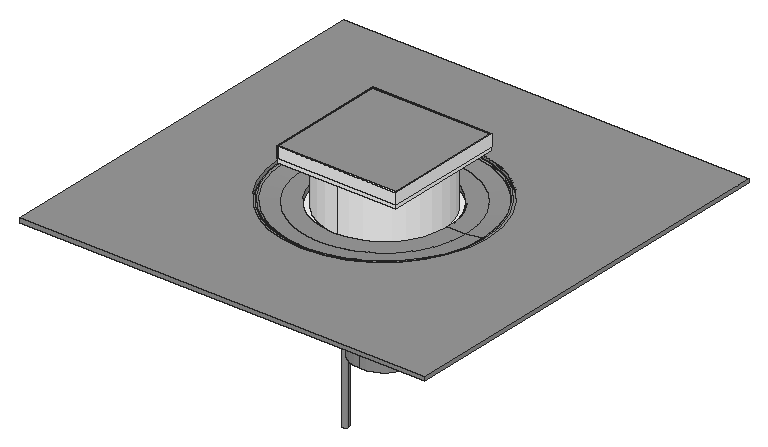
Revit family "HL_RU_Roof drain_HL62.1BH-B-221103", category Sanitärinstallationen, Revit 2020
Family settings
  Bemaßung runder Anschluss = Durchmesser verwenden
  Teiletyp = Normal
  OmniClass-Nummer = 23.70.50.21.24.14
  OmniClass-Titel = Deck Waste Water Drains
  Arbeitsebenenbasiert = Nein
  Immer vertikal = Ja
  Beim Laden mit Abzugskörper schneiden = Nein
  Gemeinsam genutzt = Nein
  Raumberechnungspunkt = Ja
Parameters (values of type "HL_Кровельная воронка_HL62.1BH_7")
  РЕШЁТКА = "Edelstahl 137x137mm"
  РАЗМЕР = "DN75"
  ПРОПУСКНАЯ СПОСОБНОСТЬ [instance] = 0.0 L/s
  ПРОИЗВОДИТЕЛЬНОСТЬ = "6,0 l/s"
  ПРАВОВАЯ ИНФОРМАЦИЯ = "Авторские права(©), права на дизайн или какие либо другие права интелектуальной собственности являются исключительной собственностью компании HL Hutterer & Lechner. Изменению не подлежит. Файл семейства с данными о прозводителе изделия защищен паролем с водяным знаком."
  НОМИНАЛЬНЫЙ ДИАМЕТР = 75 mm
  НАСАДКА = "12-65mm/148x148mm"
  МАТЕРИАЛ = "PP"
  МАКСИМАЛЬНАЯ НАГРУЗКА КЛАССА = "K - 300 kg"
  ВЫСОТА МОНТАЖА = "120 mm"
  ВЕС = "2,24 [kg]"
  Vorgabe-Ansicht = 0 mm
  Hersteller = "HL Hutterer & Lechner GmbH"  # constant formula
  URL = "http://www.hutterer-lechner.com/ru/products/catalog/roof-drains/HL62.1BH/7.aspx"
  Материал плитка [instance] = none
  Lüftungsverbindung = no
  Abwasserrohrverbindung = yes
  HW-Verbindung = no
  KW-Verbindung = no
  Beschreibung = "Кровельные воронки"
  Model = "HL62.1BH_7"
  Assembly Code = " "
  Typenkommentare = "HL62.1BH/7 Кровельная воронка DN75 с битумным полотном и подогревом (10_30Вт/230В). Проходная _ 148х148мм/137х137мм.,"
  Keynote = "HL62.1BH_7"
  Bысота монтажа [instance] = 65 mm  # constant formula
  G [instance] = 180.00°  # constant formula
  EAN = "9003076802128"
  D [instance] = if(НОМИНАЛЬНЫЙ ДИАМЕТР = 160 mm, 64.6 mm, 71.7 mm) + Bысота монтажа  # 136.7 mm
  C [instance] = if(Bысота монтажа - 68 mm < 0 mm, 0 mm, Bысота монтажа - 68 mm)  # 0 mm
  B [instance] = 100 mm  # constant formula
  A [instance] = if(B - 100 mm > 15 mm, B - 100 mm, 15 mm)  # 15 mm
Types (5, lengths in mm): name | РАЗМЕР | НОМИНАЛЬНЫЙ ДИАМЕТР | ВЕС | URL | Model | Typenkommentare | Keynote | EAN | D
  (no name) | "DN75" | 75 | "2,24 [kg]" | "http://www.hutterer-lechner.com/ru/products/catalog/roof-drains/HL62.1BH/7.aspx" | "HL62.1BH_7" | "HL62.1BH/7 Кровельная воронка DN75 с битумным полотном и подогревом (10_30Вт/230В). Проходная _ 148х148мм/137х137мм.," | "HL62.1BH_7" | "9003076802128" | 136.7
  HL_Кровельная воронка_HL62.1BH_1 | "DN110" | 110 | "2,22 [kg]" | "http://www.hutterer-lechner.com/ru/products/catalog/roof-drains/HL62.1BH/1.aspx" | "HL62.1BH_1" | "HL62.1BH/1 Кровельная воронка DN110 с битумным полотном и подогревом (10_30Вт/230В). Проходная _ 148х148мм/137х137мм.," | "HL62.1BH_1" | "9003076812127" | 136.7
  HL_Кровельная воронка_HL62.1BH_2 | "DN125" | 125 | "2,22 [kg]" | "http://www.hutterer-lechner.com/ru/products/catalog/roof-drains/HL62.1BH/2.aspx" | "HL62.1BH_2" | "HL62.1BH/2 Кровельная воронка DN125 с битумным полотном и подогревом (10_30Вт/230В). Проходная _ 148х148мм/137х137мм.," | "HL62.1BH_2" | "9003076822126" | 136.7
  HL_Кровельная воронка_HL62.1BH_5 | "DN160" | 160 | "2,24 [kg]" | "http://www.hutterer-lechner.com/ru/products/catalog/roof-drains/HL62.1BH/5.aspx" | "HL62.1BH_5" | "HL62.1BH/5 Кровельная воронка DN160 с битумным полотном и подогревом (10_30Вт/230В). Проходная _ 148х148мм/137х137мм.," | "HL62.1BH_5" | "9003076832125" | 129.6
  HL_Кровельная воронка_HL62.1BH_7 | "DN75" | 75 | "2,24 [kg]" | "http://www.hutterer-lechner.com/ru/products/catalog/roof-drains/HL62.1BH/7.aspx" | "HL62.1BH_7" | "HL62.1BH/7 Кровельная воронка DN75 с битумным полотном и подогревом (10_30Вт/230В). Проходная _ 148х148мм/137х137мм.," | "HL62.1BH_7" | "9003076802128" | 136.7
Reference planes
  plane 1 "Center (Front/Back)": y = 0
  plane 2: z = 0
  plane 3 "Center (Left/Right)": x = 0
  plane 4: z = -100
  plane 5: z = -65
Lines and regions (mm)
  model lines, style "InvisibleLines"
    curve 1: line (0, 0, 0) -> (0, 0, 20)
  model lines, style "PlumbingFixtures", detail levels coarse+medium
    curve 2: line (0, 0, -100) -> (0, 0, -85)
    curve 3: line (0, 0, -85) -> (-85, 0, 0)
    curve 4: line (0, 0, -85) -> (85, 0, 0)
    curve 6: line (0, 0, -100) -> (0, 0, -236.7)
  reference lines, not visible
    curve 5: line (0, 0, -100) -> (0, 0, -236.7)
  symbolic lines, style "PlumbingFixtures", detail levels coarse+medium
    curve 7: line (-75, 75, 0) -> (75, 75, 0)
    curve 8: line (-75, -75, 0) -> (-75, 75, 0)
    curve 9: line (75, -75, 0) -> (-75, -75, 0)
    curve 10: line (75, 75, 0) -> (75, -75, 0)
    curve 11: line (-75, 75, 0) -> (-145.711, 145.711, 0)
    curve 12: line (75, 75, 0) -> (145.711, 145.711, 0)
    curve 13: line (-75, -75, 0) -> (-145.711, -145.711, 0)
    curve 14: line (75, -75, 0) -> (145.711, -145.711, 0)
  symbolic lines, style "PlumbingFixtures", not visible, detail levels coarse+medium
    curve 15: line (-75, 75, 0) -> (75, 75, 0)
    curve 16: line (-75, -75, 0) -> (-75, 75, 0)
    curve 17: line (75, -75, 0) -> (-75, -75, 0)
    curve 18: line (75, 75, 0) -> (75, -75, 0)
    curve 19: line (-75, 75, 0) -> (-145.711, 145.711, 0)
    curve 20: line (75, 75, 0) -> (145.711, 145.711, 0)
    curve 21: line (-75, -75, 0) -> (-145.711, -145.711, 0)
    curve 22: line (75, -75, 0) -> (145.711, -145.711, 0)
Text (mm)
  text "FLOOR" at (-162.344, 0, -10.979), in view "Drain Construction View"
Dimensions and locks
  "B": plane 2 to plane 4
  "Bысота монтажа": plane 2 to plane 5
  "A": curve 4 to plane 4
  "D": curve 5 to curve 5
  "D": curve 6 to curve 6
  locked: curve 4 to plane 3 "Center (Left/Right)" (angle 45.00°)
  locked: plane 3 "Center (Left/Right)" to curve 3 (angle 45.00°)
  "G": angle curve 5 to plane 3 "Center (Left/Right)"
  aligned and locked: level to plane 2
  aligned and locked: plane 2 to curve 4
  aligned and locked: plane 2 to curve 3
  aligned and locked: plane 4 to curve 5
  aligned and locked: plane 3 "Center (Left/Right)" to curve 5
  aligned and locked: plane 4 to curve 2
  aligned and locked: curve 6 to plane 3 "Center (Left/Right)"
  aligned and locked: curve 6 to plane 4
  aligned and locked: plane 3 "Center (Left/Right)" to nested 1
  aligned and locked: nested 2 to plane 5
  aligned and locked: plane 2 to nested 1
  aligned and locked: nested 2 to plane 3 "Center (Left/Right)"
Automatic sketch dimensions
  curve 2 to plane 3 "Center (Left/Right)" = 0 mm
  curve 1 to plane 3 "Center (Left/Right)" = 0 mm
  curve 1 to level = 0 mm
  level to curve 1 = 20 mm
Nested families
  nested 1: "HL_Насадка_HL66.9S" at (0, 0, 0), Bысота монтажа <- "Bысота монтажа", type "HL_Grate frame_HL66.9S"
    with L 93 mm, IHmin 12 mm, IHmax 65 mm, Bысота монтажа 65 mm
  nested 2: "HL_кровельные воронки - корпус_HL62.1H" at (0, 0, -69.7), НОМИНАЛЬНЫЙ ДИАМЕТР <- "НОМИНАЛЬНЫЙ ДИАМЕТР", type "HL_кровельные воронки - корпус_HL62.1H"
    with НОМИНАЛЬНЫЙ ДИАМЕТР 75 mm, OOD 48 mm, L 65 mm
Connectors
  piping at (0, 0, -236.7), diameter 75, driven by "ПРОПУСКНАЯ СПОСОБНОСТЬ", driven by "НОМИНАЛЬНЫЙ ДИАМЕТР"
    settings: on curve 5, index 1, connector inside diameter 609.6 mm, connector length 0 mm, flow factor 0, pipe flow 0.0 L/s, pressure drop 0.0 Pa, fitting loss kfactor 0, connector angle 0.00°, fixture units 0, engagement length 0 mm, angle of deflection 0.00°, flow configuration 1, flow direction 2, fitting loss method 0, system type 16, joint type 0, gender type 0, connector reference index -1, connector utility 0, adjustable connector yes, is connector primary yes, connector description ""
Definition of nested family "HL_Насадка_HL66.9S"
  Parameters (values of type "HL_Grate frame_HL66.9S")
    РЕШЁТКА = "Edelstahl 138x138mm"
    РАЗМЕР = "d 145 mm"
    ПРАВОВАЯ ИНФОРМАЦИЯ = "Авторские права(©), права на дизайн или какие либо другие права интелектуальной собственности являются исключительной собственностью компании HL Hutterer & Lechner. Изменению не подлежит. Файл семейства с данными о прозводителе изделия защищен паролем с водяным знаком."
    НАСАДКА = "147x147mm"
    МАТЕРИАЛ = "PP"
    МАКСИМАЛЬНАЯ НАГРУЗКА КЛАССА = "K - 300 kg"
    ВЫСОТА МОНТАЖА = "12-65mm"
    Материал плитка = none
    ВЕС = "0,345 [kg]"
    Default Elevation = 0 mm
    L [instance] = if(Bысота монтажа < IHmin, -100 mm, if(Bысота монтажа > IHmax, -100 mm, Bысота монтажа + 28 mm))  # 93 mm
    Manufacturer = "HL Hutterer & Lechner GmbH"
    URL = "http://www.hutterer-lechner.com/ru/products/catalog/roof-drains/HL66.9.aspx"
    Description = "Кровельные воронки"
    Model = "HL66.9"
    Type Comments = "HL66.9, Насадка d 145мм с бороздками/147х147мм/138х138мм"
    Keynote = "HL66.9"
    Bысота монтажа [instance] = 65 mm
    IHmin [instance] = 12 mm
    IHmax [instance] = 65 mm
    EAN = "9003076014606"
    Cost = 0
  Reference planes
    plane 1 "Střed (vpředu/vzadu)": y = 0
    plane 2: z = 0
    plane 3 "Střed (vlevo/vpravo)": x = 0
  Forms (mm)
    Revolve 1, solid, detail levels fine
      sketch origin (0, 0, 128) x (0, 1, 0) y (0, 0, 1)
        loop
          line (72.5, -142) -> (69.248, -142) -> (69.248, -221) -> (72.5, -221) -> (72.5, -142)
        axis (0, -142) -> (0, -221)
      angle from 0 to 360
    Extrusion 2, solid, detail levels fine
      sketch origin (-1.537, 0, -14.6) x (0, 1, 0) y (-1, 0, 0)
        loop
          line (74, 72.459) -> (-74, 72.459) -> (-74, -75.537) -> (74, -75.537) -> (74, 72.459)
        loop
          line (73, 71.463) -> (-73, 71.463) -> (-73, -74.537) -> (73, -74.537) -> (73, 71.463)
      from 0.6 to 14.6
    Extrusion 3, solid, detail levels fine
      sketch origin (-1.537, 0, -14) x (-1, 0, 0) y (0, 1, 0)
        loop
          line (71.463, 73) -> (-74.537, 73) -> (-74.537, -73) -> (71.463, -73) -> (71.463, 73)
        loop
          circle (-1.537, 0) r 72.5
      from 0 to 5
    Extrusion 4, solid, detail levels fine
      sketch origin (-1.537, 0, -14) x (-1, 0, 0) y (0, -1, 0)
        loop
          line (70.95, -72.397) -> (70.95, 72.463) -> (-74.05, 72.463) -> (-74.05, -72.397) -> (70.95, -72.397)
      from 0 to 14
    Revolve 5, solid, detail levels fine
      sketch origin (0, 75.989, -93) x (0, -1, 0) y (0, 0, -1)
        loop
          line (3.489, -20) -> (3.489, 0) -> (0.186, 0) -> (-2.325, -2.511) -> (-2.325, -20) -> (3.489, -20)
        axis (75.989, -20) -> (75.989, 0)
      angle from 0 to 360
  Lines and regions (mm)
    model lines, detail levels fine
      curve 1: line (36.25, 24.325, 0) -> (36.25, -24.42, 0)
      curve 2: line (43.75, -24.42, 0) -> (43.75, 24.325, 0)
      curve 3: line (52.25, 40.306, 0) -> (52.25, -40.355, 0)
      curve 4: line (59.75, -40.355, 0) -> (59.75, 40.306, 0)
      curve 5: line (20.25, 8.588, 0) -> (20.25, -8.684, 0)
      curve 6: line (27.75, -8.684, 0) -> (27.75, 8.588, 0)
      curve 7: arc (27.75, 8.588, 0) -> (24, 12.338, 0) -> (20.25, 8.588, 0) r 3.75
      curve 8: arc (20.25, -8.684, 0) -> (24, -12.434, 0) -> (27.75, -8.684, 0) r 3.75
      curve 9: arc (36.25, -24.42, 0) -> (40, -28.17, 0) -> (43.75, -24.42, 0) r 3.75
      curve 10: arc (43.75, 24.325, 0) -> (40, 28.075, 0) -> (36.25, 24.325, 0) r 3.75
      curve 11: arc (59.75, 40.306, 0) -> (56, 44.056, 0) -> (52.25, 40.306, 0) r 3.75
      curve 12: arc (52.25, -40.355, 0) -> (56, -44.105, 0) -> (59.75, -40.355, 0) r 3.75
      curve 13: line (-24.325, -36.25, 0) -> (24.42, -36.25, 0)
      curve 14: line (24.42, -43.75, 0) -> (-24.325, -43.75, 0)
      curve 15: line (-40.306, -52.25, 0) -> (40.355, -52.25, 0)
      curve 16: line (40.355, -59.75, 0) -> (-40.306, -59.75, 0)
      curve 17: line (-8.588, -20.25, 0) -> (8.684, -20.25, 0)
      curve 18: line (8.684, -27.75, 0) -> (-8.588, -27.75, 0)
      curve 19: arc (-8.588, -27.75, 0) -> (-12.338, -24, 0) -> (-8.588, -20.25, 0) r 3.75
      curve 20: arc (8.684, -20.25, 0) -> (12.434, -24, 0) -> (8.684, -27.75, 0) r 3.75
      curve 21: arc (24.42, -36.25, 0) -> (28.17, -40, 0) -> (24.42, -43.75, 0) r 3.75
      curve 22: arc (-24.325, -43.75, 0) -> (-28.075, -40, 0) -> (-24.325, -36.25, 0) r 3.75
      curve 23: arc (-40.306, -59.75, 0) -> (-44.056, -56, 0) -> (-40.306, -52.25, 0) r 3.75
      curve 24: arc (40.355, -52.25, 0) -> (44.105, -56, 0) -> (40.355, -59.75, 0) r 3.75
      curve 25: line (36.25, -24.42, 0) -> (36.25, 24.325, 0)
      curve 26: line (43.75, 24.325, 0) -> (43.75, -24.42, 0)
      curve 27: line (52.25, -40.355, 0) -> (52.25, 40.306, 0)
      curve 28: line (59.75, 40.306, 0) -> (59.75, -40.355, 0)
      curve 29: line (20.25, -8.684, 0) -> (20.25, 8.588, 0)
      curve 30: line (27.75, 8.588, 0) -> (27.75, -8.684, 0)
      curve 31: arc (27.75, -8.588, 0) -> (24, -12.338, 0) -> (20.25, -8.588, 0) r 3.75
      curve 32: arc (20.25, 8.684, 0) -> (24, 12.434, 0) -> (27.75, 8.684, 0) r 3.75
      curve 33: arc (36.25, 24.42, 0) -> (40, 28.17, 0) -> (43.75, 24.42, 0) r 3.75
      curve 34: arc (43.75, -24.325, 0) -> (40, -28.075, 0) -> (36.25, -24.325, 0) r 3.75
      curve 35: arc (59.75, -40.306, 0) -> (56, -44.056, 0) -> (52.25, -40.306, 0) r 3.75
      curve 36: arc (52.25, 40.355, 0) -> (56, 44.105, 0) -> (59.75, 40.355, 0) r 3.75
      curve 37: line (24.42, -36.25, 0) -> (-24.325, -36.25, 0)
      curve 38: line (-24.325, -43.75, 0) -> (24.42, -43.75, 0)
      curve 39: line (40.355, -52.25, 0) -> (-40.306, -52.25, 0)
      curve 40: line (-40.306, -59.75, 0) -> (40.355, -59.75, 0)
      curve 41: line (8.684, -20.25, 0) -> (-8.588, -20.25, 0)
      curve 42: line (-8.588, -27.75, 0) -> (8.684, -27.75, 0)
      curve 43: arc (8.588, -27.75, 0) -> (12.338, -24, 0) -> (8.588, -20.25, 0) r 3.75
      curve 44: arc (-8.684, -20.25, 0) -> (-12.434, -24, 0) -> (-8.684, -27.75, 0) r 3.75
      curve 45: arc (-24.42, -36.25, 0) -> (-28.17, -40, 0) -> (-24.42, -43.75, 0) r 3.75
      curve 46: arc (24.325, -43.75, 0) -> (28.075, -40, 0) -> (24.325, -36.25, 0) r 3.75
      curve 47: arc (40.306, -59.75, 0) -> (44.056, -56, 0) -> (40.306, -52.25, 0) r 3.75
      curve 48: arc (-40.355, -52.25, 0) -> (-44.105, -56, 0) -> (-40.355, -59.75, 0) r 3.75
      curve 49: line (-36.25, 24.325, 0) -> (-36.25, -24.325, 0)
      curve 50: line (-43.75, -24.325, 0) -> (-43.75, 24.325, 0)
      curve 51: line (-52.25, 40.306, 0) -> (-52.25, -40.306, 0)
      curve 52: line (-59.75, -40.306, 0) -> (-59.75, 40.306, 0)
      curve 53: line (-20.25, 8.588, 0) -> (-20.25, -8.588, 0)
      curve 54: line (-27.75, -8.684, 0) -> (-27.75, 8.588, 0)
      curve 55: arc (-27.75, 8.588, 0) -> (-24, 12.338, 0) -> (-20.25, 8.588, 0) r 3.75
      curve 56: arc (-20.25, -8.684, 0) -> (-24, -12.434, 0) -> (-27.75, -8.684, 0) r 3.75
      curve 57: arc (-43.75, 24.325, 0) -> (-40, 28.075, 0) -> (-36.25, 24.325, 0) r 3.75
      curve 58: arc (-59.75, 40.306, 0) -> (-56, 44.056, 0) -> (-52.25, 40.306, 0) r 3.75
      curve 59: line (-36.25, -24.325, 0) -> (-36.25, 24.325, 0)
      curve 60: line (-43.75, 24.325, 0) -> (-43.75, -24.325, 0)
      curve 61: line (-52.25, -40.306, 0) -> (-52.25, 40.306, 0)
      curve 62: line (-59.75, 40.306, 0) -> (-59.75, -40.306, 0)
      curve 63: line (-20.25, -8.588, 0) -> (-20.25, 8.588, 0)
      curve 64: line (-27.75, 8.588, 0) -> (-27.75, -8.684, 0)
      curve 65: arc (-27.75, -8.588, 0) -> (-24, -12.338, 0) -> (-20.25, -8.588, 0) r 3.75
      curve 66: arc (-20.25, 8.684, 0) -> (-24, 12.434, 0) -> (-27.75, 8.684, 0) r 3.75
      curve 67: arc (-36.25, 24.42, 0) -> (-40, 28.17, 0) -> (-43.75, 24.42, 0) r 3.75
      curve 68: arc (-43.75, -24.325, 0) -> (-40, -28.075, 0) -> (-36.25, -24.325, 0) r 3.75
      curve 69: arc (-59.75, -40.306, 0) -> (-56, -44.056, 0) -> (-52.25, -40.306, 0) r 3.75
      curve 70: arc (-52.25, 40.355, 0) -> (-56, 44.105, 0) -> (-59.75, 40.355, 0) r 3.75
      curve 71: line (-24.42, 36.25, 0) -> (24.325, 36.25, 0)
      curve 72: line (24.42, 43.75, 0) -> (-24.42, 43.75, 0)
      curve 73: line (-40.355, 52.25, 0) -> (40.306, 52.25, 0)
      curve 74: line (40.306, 59.75, 0) -> (-40.355, 59.75, 0)
      curve 75: line (-8.588, 20.25, 0) -> (8.588, 20.25, 0)
      curve 76: line (8.684, 27.75, 0) -> (-8.588, 27.75, 0)
      curve 77: arc (-8.588, 27.75, 0) -> (-12.338, 24, 0) -> (-8.588, 20.25, 0) r 3.75
      curve 78: arc (8.684, 20.25, 0) -> (12.434, 24, 0) -> (8.684, 27.75, 0) r 3.75
      curve 79: arc (24.42, 36.25, 0) -> (28.17, 40, 0) -> (24.42, 43.75, 0) r 3.75
      curve 80: line (24.325, 36.25, 0) -> (-24.42, 36.25, 0)
      curve 81: line (-24.42, 43.75, 0) -> (24.42, 43.75, 0)
      curve 82: line (40.306, 52.25, 0) -> (-40.355, 52.25, 0)
      curve 83: line (-40.355, 59.75, 0) -> (40.306, 59.75, 0)
      curve 84: line (8.588, 20.25, 0) -> (-8.588, 20.25, 0)
      curve 85: line (-8.588, 27.75, 0) -> (8.684, 27.75, 0)
      curve 86: arc (8.588, 27.75, 0) -> (12.338, 24, 0) -> (8.588, 20.25, 0) r 3.75
      curve 87: arc (-8.684, 20.25, 0) -> (-12.434, 24, 0) -> (-8.684, 27.75, 0) r 3.75
      curve 88: arc (-24.42, 36.25, 0) -> (-28.17, 40, 0) -> (-24.42, 43.75, 0) r 3.75
      curve 89: arc (24.325, 43.75, 0) -> (28.075, 40, 0) -> (24.325, 36.25, 0) r 3.75
      curve 90: arc (40.306, 59.75, 0) -> (44.056, 56, 0) -> (40.306, 52.25, 0) r 3.75
      curve 91: arc (-40.355, 52.25, 0) -> (-44.105, 56, 0) -> (-40.355, 59.75, 0) r 3.75
    reference lines
      curve 92: line (0, 75.989, -93) -> (0, -174.011, -93)
  Dimensions and locks
    Extrusion 2 sketch curve to Extrusion 2 sketch curve = 147.996 mm
    Extrusion 2 sketch curve to Extrusion 2 sketch curve = 148 mm
    "L": curve 92 to plane 2
    aligned and locked: level to plane 2
    aligned and locked: Revolve 1 to curve 92
  Automatic sketch dimensions
    plane 1 "Střed (vpředu/vzadu)" to Extrusion 2 sketch curve = 74 mm
    Extrusion 2 sketch curve to Extrusion 2 sketch curve = 1 mm  (x3)
    plane 3 "Střed (vlevo/vpravo)" to Extrusion 2 sketch curve = 74 mm
    Extrusion 2 sketch curve to Extrusion 2 sketch curve = 0.996 mm
    Extrusion 3 sketch curve to Extrusion 2 = 0 mm  (x4)
    Extrusion 3 sketch curve to Extrusion 2 = 73 mm  (x2)
    Extrusion 2 to curve 16 = 13.25 mm
    curve 24 to curve 47 = 3.75 mm
    curve 47 to curve 24 = 0 mm
    curve 48 to curve 23 = 0 mm  (x2)
    curve 23 to curve 38 = 8.5 mm
    curve 24 to curve 12 = 11.895 mm
    curve 12 to curve 35 = 0.048 mm
    curve 15 to curve 69 = 11.944 mm
    curve 22 to curve 45 = 3.75 mm
    curve 21 to curve 46 = 3.75 mm
    curve 46 to curve 21 = 0 mm
    curve 22 to curve 18 = 8.5 mm
    curve 21 to curve 9 = 11.83 mm
    curve 13 to curve 49 = 11.925 mm
    curve 9 to curve 34 = 0.095 mm
    curve 18 to curve 19 = 3.75 mm
    curve 44 to curve 19 = 0 mm  (x2)
    curve 43 to curve 20 = 0 mm
    curve 20 to curve 5 = 11.566 mm
    curve 49 to curve 64 = 15.642 mm
    curve 8 to curve 31 = 0.095 mm
    curve 56 to curve 53 = 0.095 mm
    curve 65 to curve 64 = 17.177 mm
    curve 31 to curve 29 = 17.177 mm
    curve 7 to curve 32 = 0.095 mm
    curve 55 to curve 66 = 0.095 mm
    curve 32 to curve 84 = 11.566 mm
    curve 86 to curve 78 = 3.75 mm
    curve 86 to curve 78 = 0 mm
    curve 77 to curve 87 = 3.75 mm
    curve 87 to curve 77 = 0 mm  (x2)
    curve 66 to curve 60 = 15.642 mm
    curve 32 to curve 26 = 15.642 mm
    curve 10 to curve 33 = 0.095 mm
    curve 57 to curve 67 = 0.095 mm
    curve 33 to curve 71 = 11.83 mm
    curve 89 to curve 89 = 3.75 mm
    curve 88 to curve 88 = 3.75 mm
    curve 89 to curve 79 = 0 mm
    curve 33 to curve 11 = 15.886 mm
    curve 67 to curve 51 = 15.886 mm
    curve 58 to curve 70 = 0.048 mm
    curve 11 to curve 36 = 0.048 mm
    curve 70 to curve 73 = 11.895 mm
    curve 90 to curve 90 = 3.75 mm
    Extrusion 2 to curve 28 = 13.25 mm
    curve 4 to curve 11 = 3.75 mm
    curve 35 to curve 12 = 0 mm
    curve 36 to curve 11 = 0 mm
    curve 3 to curve 2 = 8.5 mm
    curve 3 to curve 39 = 11.895 mm
    curve 11 to curve 83 = 11.944 mm
    curve 24 to curve 47 = 0.048 mm
    curve 26 to curve 9 = 3.75 mm
    curve 33 to curve 10 = 0 mm
    curve 34 to curve 9 = 0 mm
    curve 34 to curve 30 = 8.5 mm
    curve 90 to curve 72 = 15.886 mm
    curve 1 to curve 21 = 11.83 mm
    curve 79 to curve 80 = 0.095 mm
    curve 21 to curve 46 = 0.095 mm
    curve 6 to curve 32 = 3.75 mm
    curve 6 to curve 8 = 3.75 mm
    curve 31 to curve 8 = 0 mm
    curve 29 to curve 17 = 11.566 mm
    curve 7 to curve 78 = 11.566 mm
    curve 78 to curve 86 = 0.095 mm
    curve 20 to curve 43 = 0.095 mm
    curve 43 to curve 41 = 17.177 mm
    curve 86 to curve 77 = 17.177 mm
    curve 19 to curve 44 = 0.095 mm
    curve 77 to curve 87 = 0.095 mm
    curve 87 to curve 53 = 11.566 mm
    curve 53 to curve 66 = 3.75 mm
    curve 55 to curve 66 = 0 mm
    curve 56 to curve 54 = 3.75 mm
    curve 65 to curve 56 = 0 mm
    curve 44 to curve 14 = 15.642 mm
    curve 22 to curve 45 = 0.095 mm
    curve 87 to curve 72 = 15.736 mm
    curve 45 to curve 59 = 11.83 mm
    curve 57 to curve 67 = 3.75 mm
    curve 68 to curve 68 = 3.75 mm
    curve 45 to curve 15 = 15.886 mm
    curve 23 to curve 48 = 0.048 mm
    curve 72 to curve 74 = 15.935 mm
    curve 91 to curve 51 = 11.895 mm
    curve 51 to curve 70 = 3.75 mm
    curve 51 to curve 69 = 3.75 mm
    curve 45 to curve 22 = 0 mm
    curve 36 to curve 28 = 0 mm
    curve 33 to curve 2 = 0 mm
    curve 32 to curve 30 = 0 mm
    curve 66 to curve 55 = 0 mm
    curve 67 to curve 57 = 0 mm
    curve 70 to curve 51 = 0 mm
    Extrusion 4 sketch curve to Extrusion 3 = 0.487 mm
    Extrusion 4 sketch curve to Extrusion 3 = 0.513 mm
    Extrusion 4 sketch curve to Extrusion 3 = 0.603 mm
    Extrusion 4 sketch curve to Extrusion 3 = 0.537 mm
    Revolve 1 sketch curve to plane 1 "Střed (vpředu/vzadu)" = 0 mm
    Revolve 1 sketch curve to level = 14 mm
    Revolve 1 sketch curve to plane 1 "Střed (vpředu/vzadu)" = 69.248 mm
    Revolve 1 sketch curve to Revolve 1 sketch curve = 3.252 mm
    Revolve 1 sketch curve to Revolve 1 sketch curve = 79 mm
    Revolve 1 sketch curve to Revolve 1 sketch curve = 17.5 mm
    level to Revolve 1 sketch curve = 144.5 mm
    Revolve 5 sketch curve to curve 92 = 0 mm
    Revolve 5 sketch curve to curve 92 = 2.325 mm
    curve 92 to Revolve 5 sketch curve = 0.186 mm
    curve 92 to Revolve 5 sketch curve = 3.489 mm
    Revolve 5 sketch curve to curve 92 = 2.511 mm
    Revolve 5 sketch curve to curve 92 = 20 mm
    curve 92 to Revolve 5 sketch curve = 75.989 mm
    Revolve 5 sketch curve to curve 92 = 393 mm
    curve 92 to Revolve 5 sketch curve = 207 mm
    plane 1 "Střed (vpředu/vzadu)" to curve 92 = 174.011 mm
    curve 92 to plane 1 "Střed (vpředu/vzadu)" = 75.989 mm
    radius of Extrusion 3 sketch curve = 72.5 mm
Definition of nested family "HL_кровельные воронки - корпус_HL62.1H"
  Parameters (values of type "HL_кровельные воронки - корпус_HL62.1H")
    НОМИНАЛЬНЫЙ ДИАМЕТР [instance] = 110 mm
    Default Elevation = 0 mm
    Manufacturer = ""
    URL = ""
    Description = ""
    OOD [instance] = if(НОМИНАЛЬНЫЙ ДИАМЕТР = 75 mm, 48 mm, if(НОМИНАЛЬНЫЙ ДИАМЕТР = 110 mm, 63.7 mm, if(НОМИНАЛЬНЫЙ ДИАМЕТР = 125 mm, 69 mm, if(НОМИНАЛЬНЫЙ ДИАМЕТР = 160 mm, 111 mm, 0 mm))))  # 63.7 mm
    Model = ""
    L [instance] = if(НОМИНАЛЬНЫЙ ДИАМЕТР = 160 mm, 57.9 mm, 65 mm)  # 65 mm
    Type Comments = ""
    Cost = 0
  Reference planes
    plane 1 "Střed (vpředu/vzadu)": y = 0
    plane 2: z = 0
    plane 3 "Střed (vlevo/vpravo)": x = 0
    plane 4: z = -102.02
  Forms (mm)
    Revolve 1, solid, detail levels fine
      sketch origin (0, 0, 0) x (1, 0, 0) y (0, 0, 1)
        loop
          line (-77.396, -30.784) -> (-82.772, -25.408) -> (-82.772, -4.05) -> (-102.772, -4.05) -> (-113.899, 0) -> (-177, 0) -> (-177, -3) -> (-127.89, -3) -> (-105.416, -11.18) -> (-88.084, -11.18) -> (-88.084, -27.167) -> (-79.985, -31.474) -> (-79.985, -102.02) -> (0, -102.02) -> (0, -35.37) -> (-76.081, -35.37) -> (-77.396, -30.784)
        axis (0, 0) -> (0, -102.02)
      angle from 0 to 360
    Extrusion 2, solid, detail levels fine
      sketch origin (0, 0, 0) x (1, 0, 0) y (0, 1, 0)
        loop
          line (-250, 250) -> (-250, -250) -> (250, -250) -> (250, 250) -> (-250, 250)
        loop
          circle (0, 0) r 127.89
      from 0 to 4.7
    Sweep 3, solid, detail levels fine
      path origin (-63.7, 0, -263.782) x (0, 0, 1) y (-1, 0, 0)
        loop
          line (0, 0) -> (166.285, 0)
          arc (166.285, 0) -> (176.156, -4.089) -> (180.245, -13.96) r 13.96
          line (180.245, -13.96) -> (180.245, -31.056)
      profile origin (-63.7, 0, -180.64) x (-1, 0, 0) y (0, -1, 0)
        loop
          circle (0, 0) r 4
    Revolve 4, solid, detail levels fine
      sketch origin (0, 0, 0) x (1, 0, 0) y (0, 0, 1)
        loop
          line (-124.587, 4.544) -> (-123.526, 3.482) -> (-101.674, 0.256) -> (-79.715, 0.256) -> (-79.715, -21.456) -> (-75.875, -21.456) -> (-75.875, -25.656) -> (-74.936, -25.656) -> (-74.936, -20.879) -> (-79.089, -20.879) -> (-79.089, 1.344) -> (-101.196, 1.344) -> (-121.893, 3.519) -> (-123.356, 4.544) -> (-124.587, 4.544)
        axis (0, 4.544) -> (0, -25.656)
      angle from 0 to 360
    Extrusion 5, solid, detail levels fine
      sketch origin (-79.985, 0, -102.02) x (0, -1, 0) y (-1, 0, 0)
        loop
          circle (0, -79.985) r 55
      from 0 to 65
  Lines and regions (mm)
    reference lines
      curve 1: line (-63.7, 0, -263.782) -> (-63.7, 0, -203.782)
  Dimensions and locks
    "OOD": plane 3 "Střed (vlevo/vpravo)" to curve 1
    "L": plane 4 to Extrusion 5
    "НОМИНАЛЬНЫЙ ДИАМЕТР": diameter of Extrusion 5 sketch curve
    aligned and locked: level to plane 2
    aligned and locked: Extrusion 5 to plane 4
  Automatic sketch dimensions
    Revolve 1 sketch curve to level = 0 mm
    Revolve 1 sketch curve to plane 3 "Střed (vlevo/vpravo)" = 0 mm  (x2)
    Revolve 1 sketch curve to level = 35.37 mm
    Revolve 1 sketch curve to plane 3 "Střed (vlevo/vpravo)" = 76.081 mm
    Revolve 1 sketch curve to level = 30.784 mm
    Revolve 1 sketch curve to Revolve 1 sketch curve = 1.315 mm
    Revolve 1 sketch curve to Revolve 1 sketch curve = 3.904 mm
    Revolve 1 sketch curve to level = 4.05 mm
    Revolve 1 sketch curve to Revolve 1 sketch curve = 5.376 mm
    Revolve 1 sketch curve to Revolve 1 sketch curve = 5.312 mm
    Revolve 1 sketch curve to Revolve 1 sketch curve = 14.688 mm
    Revolve 1 sketch curve to Revolve 1 sketch curve = 2.644 mm
    Revolve 1 sketch curve to Revolve 1 sketch curve = 11.127 mm
    Revolve 1 sketch curve to level = 3 mm
    Revolve 1 sketch curve to Revolve 1 sketch curve = 13.991 mm
    Revolve 1 sketch curve to Revolve 1 sketch curve = 49.11 mm
    Revolve 1 sketch curve to Revolve 1 sketch curve = 66.65 mm
    Revolve 1 sketch curve to Revolve 1 sketch curve = 0.689 mm
    Revolve 1 sketch curve to Revolve 1 sketch curve = 4.306 mm
    Revolve 1 sketch curve to Revolve 1 sketch curve = 1.759 mm
    Revolve 1 sketch curve to Revolve 1 sketch curve = 7.13 mm
    Revolve 1 sketch curve to Revolve 1 sketch curve = 197.98 mm
    level to Revolve 1 sketch curve = 295.621 mm
    plane 1 "Střed (vpředu/vzadu)" to Extrusion 2 sketch curve = 0 mm
    Extrusion 2 sketch curve to plane 3 "Střed (vlevo/vpravo)" = 0 mm
    Extrusion 2 sketch curve to plane 3 "Střed (vlevo/vpravo)" = 250 mm
    plane 3 "Střed (vlevo/vpravo)" to Extrusion 2 sketch curve = 250 mm
    plane 1 "Střed (vpředu/vzadu)" to Extrusion 2 sketch curve = 250 mm
    Extrusion 2 sketch curve to plane 1 "Střed (vpředu/vzadu)" = 250 mm
    plane 1 "Střed (vpředu/vzadu)" to Sweep 3 sketch curve = 0 mm
    Sweep 3 sketch curve to profile plane = 0 mm
    Revolve 4 sketch curve to plane 3 "Střed (vlevo/vpravo)" = 0 mm
    Revolve 4 sketch curve to level = 25.656 mm
    Revolve 4 sketch curve to plane 3 "Střed (vlevo/vpravo)" = 74.936 mm
    Revolve 4 sketch curve to Revolve 4 sketch curve = 0.939 mm
    level to Revolve 4 sketch curve = 1.344 mm
    Revolve 4 sketch curve to Revolve 4 sketch curve = 4.153 mm
    Revolve 4 sketch curve to Revolve 4 sketch curve = 0.626 mm
    Revolve 4 sketch curve to Revolve 4 sketch curve = 21.481 mm
    level to Revolve 4 sketch curve = 0.256 mm
    Revolve 4 sketch curve to Revolve 4 sketch curve = 0.479 mm
    level to Revolve 4 sketch curve = 3.519 mm
    Revolve 4 sketch curve to Revolve 4 sketch curve = 20.219 mm
    level to Revolve 4 sketch curve = 4.544 mm
    Revolve 4 sketch curve to Revolve 4 sketch curve = 1.463 mm
    level to Revolve 4 sketch curve = 3.482 mm
    Revolve 4 sketch curve to Revolve 4 sketch curve = 0.169 mm
    Revolve 4 sketch curve to Revolve 4 sketch curve = 1.231 mm
    Revolve 4 sketch curve to Revolve 4 sketch curve = 4.2 mm
    Revolve 4 sketch curve to Revolve 4 sketch curve = 0.577 mm
    Revolve 4 sketch curve to Revolve 4 sketch curve = 274.344 mm
    level to Revolve 4 sketch curve = 295.621 mm
    Sweep 3 sketch curve to curve 1 = 0 mm  (x2)
    Sweep 3 sketch curve to Sweep 3 sketch curve = 17.096 mm
    curve 1 to Sweep 3 sketch curve = 13.96 mm
    curve 1 to Sweep 3 sketch curve = 106.285 mm
    plane 4 to curve 1 = 161.762 mm
    curve 1 to curve 1 = 60 mm
    plane 1 "Střed (vpředu/vzadu)" to Extrusion 5 sketch curve = 0 mm
    Extrusion 5 sketch curve to plane 3 "Střed (vlevo/vpravo)" = 0 mm
    radius of Extrusion 2 sketch curve = 127.89 mm
    radius of Sweep 3 sketch curve = 4 mm
